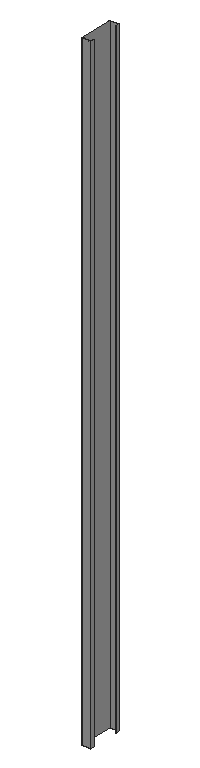
Revit family "TFG_CFS_Stud", category Structural Columns, Revit 2025
Family settings
  Section Shape = Not Defined
  Material for Model Behavior = Steel
  Always export as geometry = No
  Beam cutback in plan = From geometry
  Cut with Voids When Loaded = No
  Symbolic Representation = From Family
  Shared = No
  Show family pre-cut in plan views = Yes
Parameters (values of type "600S162-54(50)")
  tf = 0' - 0 7/128"
  d = 0' - 6"
  bf = 0' - 1 5/8"
  Xcg = bf / 2  # 0' - 0 13/16"
  Weight = 1.89 lbf/ft
  URL = "www.clarkdietrich.com/products/curtain-wall-framing/structural-studs"
  Structural Material [instance] = Steel, Galvanized
  Short Tag = ""
  Return = 0' - 0 1/2"
  Product Submittal Link = "http://submittalpro.clarkdietrich.com/index.php?page=select_product&form_data[category]=exterior_framing&form_data[active_product]=structural_stud"
  Product Info = "54mils (16ga) (50ksi)"
  Model = "V2"
  Manufacturer = "ClarkDietrich Building Systems"
  Long Tag = ""
  Keynote = "05.40.00"
  Description = "ClarkDietrich Structural Stud"
  Assembly Code = "B1010.1520"
Types (2): name | d | bf | Xcg | Weight
  600S162-54(50) | 0' - 6" | 0' - 1 5/8" | 0' - 0 13/16" | 1.89 lbf/ft
  350S162-54(50) | 0' - 3 1/2" | 0' - 1 3/8" | 0' - 0 11/16" | 1.35 lbf/ft
Reference planes (in)
  plane 1 "Center (Front/Back)": y = -0.42272
  plane 2: z = 0
  plane 3 "Center (Left/Right)": x = 0.27765
  plane 4 "Left": x = -0.53485
  plane 5 "Right": x = 1.09015
  plane 6 "Back": y = 2.57728
  plane 7 "Front": y = -3.42272
  plane 8: x = 1.03546
  plane 9: x = -0.48017
  plane 10: y = 2.52259
  plane 11: y = -3.36803
  plane 12: y = 2.02259
  plane 13: y = -2.86803
Forms (in)
  Extrusion 1, solid, material "Steel, Galvanized" <- "Structural Material", detail levels medium+fine
    sketch origin (0, 0, 0) x (1, 0, 0) y (0, 1, 0)
      loop
        line (-0.53485, 2.57728) -> (-0.53485, -3.42272) -> (1.09015, -3.42272) -> (1.09015, -2.86803) -> (1.03546, -2.86803) -> (1.03546, -3.36803) -> (-0.48017, -3.36803) -> (-0.48017, 2.52259) -> (1.03546, 2.52259) -> (1.03546, 2.02259) -> (1.09015, 2.02259) -> (1.09015, 2.57728) -> (-0.53485, 2.57728)
    from 0 to 108
Lines and regions (in)
  model lines, style "BIMSF.Framing", detail levels coarse
    curve 1: line (0.27765, -0.42272, 108) -> (0.27765, -0.42272, 0)
Dimensions and locks (in)
  equal spacing: plane 4 "Left", plane 3 "Center (Left/Right)", plane 5 "Right"
  equal spacing: plane 7 "Front", plane 1 "Center (Front/Back)", plane 6 "Back"
  "bf": plane 4 "Left" to plane 5 "Right"
  "d": plane 7 "Front" to plane 6 "Back"
  "tf": plane 6 "Back" to plane 10
  "tf": plane 11 to plane 7 "Front"
  "tf": plane 8 to plane 5 "Right"
  "tf": plane 4 "Left" to plane 9
  "Return": plane 10 to plane 12
  "Return": plane 13 to plane 11
  aligned and locked: Extrusion 1 sketch curve to plane 6 "Back"
  aligned and locked: plane 4 "Left" to Extrusion 1 sketch curve
  aligned and locked: plane 7 "Front" to Extrusion 1 sketch curve
  aligned and locked: Extrusion 1 sketch curve to plane 5 "Right"  (x2)
  aligned and locked: plane 13 to Extrusion 1 sketch curve
  aligned and locked: plane 8 to Extrusion 1 sketch curve
  aligned and locked: plane 11 to Extrusion 1 sketch curve
  aligned and locked: Extrusion 1 sketch curve to plane 9
  aligned and locked: Extrusion 1 sketch curve to plane 10
  aligned and locked: Extrusion 1 sketch curve to plane 8
  aligned and locked: Extrusion 1 sketch curve to plane 12
  aligned and locked: level to Extrusion 1
  aligned and locked: Extrusion 1 to level
  aligned and locked: curve 1 to plane 1 "Center (Front/Back)"
  aligned and locked: level to curve 1  (x2)
